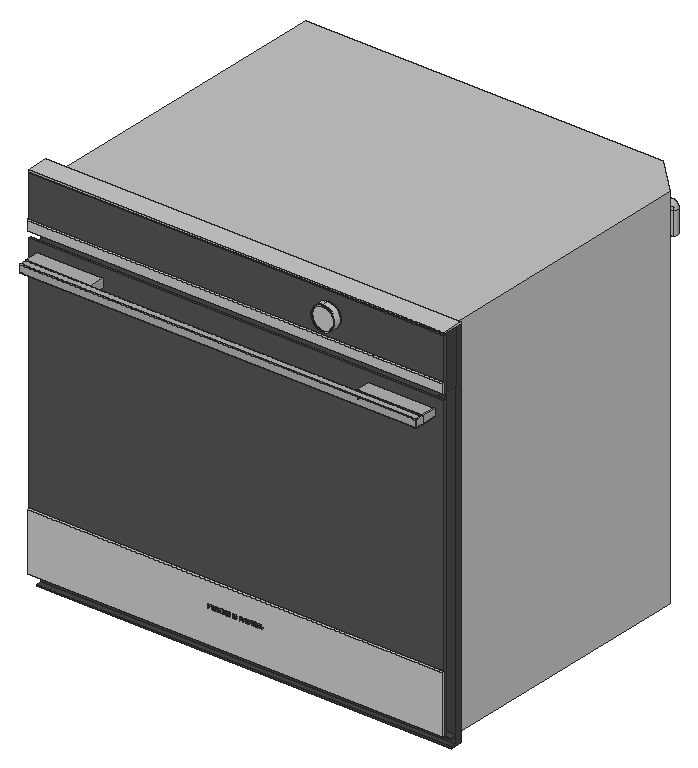
Revit family "FP_Revit_18_OB76SDPTDX1_Ovens_90000950A", category Specialty Equipment, Revit 2018
Family settings
  Round Connector Dimension = Use Diameter
  Part Type = Normal
  OmniClass Number = 23.40.40.14.17.11
  OmniClass Title = Cookers, Ovens, Stoves
  Work Plane-Based = No
  Always vertical = Yes
  Cut with Voids When Loaded = Yes
  Shared = No
  Room Calculation Point = No
Parameters (values of type "OB76SDPTDX1")
  Visibility - Clearance Required = yes
  URL = "www.fisherpaykel.com"
  Product - Width = 760 mm  # constant formula
  Product - Height = 690 mm  # constant formula
  Product - Depth = 609 mm  # constant formula
  Model = "OB76SDPTDX1"
  Material - Trim = Fisher & Paykel - Stainless Steel
  Material - Structure = Fisher & Paykel - Black
  Material - Handle = Fisher & Paykel - Aluminium
  Material - Glass = Fisher & Paykel - Glass, Black
  Material - Door Structure = Fisher & Paykel - Black
  Material - Buttons and Dials = Fisher & Paykel - Stainless Steel
  Material - Body = Fisher & Paykel - Grey
  Manufacturer = "Fisher & Paykel Appliances"
  FFL Offset [instance] = 167 mm
  Description = "76cm Self Cleaning Oven"
  Connector Note - Electrical = "230V, 18.5 A"
  Chassis - Width = 720 mm  # constant formula
  Chassis - Height = 675 mm  # constant formula
  Chassis - Depth = 569 mm  # constant formula
  Cavity - Width = 764 mm  # constant formula
  Cavity - Height = 693 mm  # constant formula
  Cavity - Depth = 575 mm  # constant formula
Reference planes
  plane 1 "Datum": y = 0
  plane 2: z = 0
  plane 3 "Center (Left/Right)": x = 0
  plane 4: z = 860
  plane 5: z = 857
  plane 6 "Product LHS": x = -380
  plane 7 "Product RHS": x = 380
  plane 8 "Product - Depth": y = 569
  plane 9 "Cavity LHS": x = -382
  plane 10 "Cavity RHS": x = 382
  plane 11 "Cavity - Depth": y = 575
  plane 12 "Front Face": y = -40
  plane 13 "FFL Offset": z = 167
Forms (mm)
  Extrusion 1, solid, material "Fisher & Paykel - Grey" <- "Material - Body"
    sketch origin (0, 0, 0) x (1, 0, 0) y (0, 1, 0)
      loop
        line (-359.809, 0) -> (360.191, 0) -> (360.191, 503) -> (294.191, 569) -> (-359.809, 569) -> (-359.809, 0)
    from 167 to 842
  Extrusion 2, solid, material "Fisher & Paykel - Clearance Required", visible <- "Visibility - Clearance Required", detail levels coarse
    sketch origin (0, 0, 0) x (1, 0, 0) y (0, 1, 0)
      loop
        line (-361.809, 0) -> (362.191, 0) -> (362.191, 575) -> (-361.809, 575) -> (-361.809, 0)
    from 167 to 848
  Extrusion 3, solid, material "Fisher & Paykel - Black" <- "Material - Structure"
    sketch origin (0, 0, 0) x (0, 1, 0) y (0, 0, 1)
      loop
        line (-11, 854.1) -> (-11, 184.834) -> (-21.5, 182.02) -> (-21.254, 181.102) -> (-11, 183.85) -> (-11, 168.95) -> (-22, 168.95) -> (-22, 167) -> (0, 167) -> (0, 854.1) -> (-11, 854.1)
    from -380 to 380
  Extrusion 4, solid, material "Fisher & Paykel - Black" <- "Material - Structure"
    sketch origin (0, 0, 0) x (0, 1, 0) y (0, 0, 1)
      loop
        line (-36, 854.1) -> (-36, 757) -> (-11, 757) -> (-11, 854.1) -> (-36, 854.1)
    from -380 to 380
  Extrusion 5, solid, material "Fisher & Paykel - Black" <- "Material - Structure"
    sketch origin (0, 0, 0) x (0, 1, 0) y (0, 0, 1)
      loop
        line (-16.2, 194.63) -> (-16.2, 744.665) -> (-36, 744.665) -> (-36, 194.63) -> (-16.2, 194.63)
    from -365 to 363.494
  Extrusion 6, solid, material "Fisher & Paykel - Black" <- "Material - Structure"
    sketch origin (0, 0, 0) x (0, 1, 0) y (0, 0, 1)
      loop
        line (-16.2, 744.665) -> (-16.2, 194.63) -> (-11, 194.63) -> (-11, 744.665) -> (-16.2, 744.665)
    from -361 to 361
  Extrusion 7, solid, material "Fisher & Paykel - Glass, Black" <- "Material - Glass"
    sketch origin (0, 0, 0) x (0, 1, 0) y (0, 0, 1)
      loop
        line (-40, 744.665) -> (-40, 194.63) -> (-36, 194.63) -> (-36, 744.665) -> (-40, 744.665)
    from -380 to 380
  Extrusion 8, solid, material "Fisher & Paykel - Glass, Black" <- "Material - Glass"
    sketch origin (0, 0, 0) x (0, 1, 0) y (0, 0, 1)
      loop
        line (-40, 852.1) -> (-40, 757) -> (-36, 757) -> (-36, 852.1) -> (-40, 852.1)
    from -380 to 380
  Extrusion 9, solid, material "Fisher & Paykel - Stainless Steel" <- "Material - Trim", detail levels fine
    sketch origin (0, 0, 0) x (0, 1, 0) y (0, 0, 1)
      loop
        line (-41.95, 774.531) -> (-41.95, 757) -> (-40, 757) -> (-40, 776.643) -> (-40.8, 776.643) -> (-41.95, 774.531)
    from -380 to 380
  Extrusion 10, solid, material "Fisher & Paykel - Clearance Required", visible <- "Visibility - Clearance Required", detail levels coarse
    sketch origin (0, -2000, 0) x (0, 1, 0) y (0, 0, 1)
      loop
        line (2000, 860) -> (1961, 860) -> (1961, 746.316)
        arc (1961, 746.316) -> (1570.899, 584.731) -> (1409.314, 194.63) r 551.686
        line (1409.314, 194.63) -> (1960, 194.63) -> (1960, 167) -> (2000, 167) -> (2000, 860)
    from -382 to 382
  Extrusion 11, solid, material "Fisher & Paykel - Stainless Steel" <- "Material - Trim", detail levels fine
    sketch origin (0, -2000, 0) x (0, 1, 0) y (0, 0, 1)
      loop
        line (1958.3, 300.247) -> (1958.3, 194.63) -> (1960, 194.63) -> (1960, 302.415) -> (1959.2, 302.415) -> (1958.3, 300.247)
    from -379.809 to 380
  Extrusion 12, solid, material "Fisher & Paykel - Stainless Steel" <- "Material - Trim"
    sketch origin (0, 0, 0) x (0, 1, 0) y (0, 0, 1)
      loop
        line (-40, 857) -> (-40, 854.1) -> (0, 854.1) -> (0, 857) -> (-40, 857)
    from -380 to 380
  Extrusion 13, void
    sketch origin (0, 0, 0) x (1, 0, 0) y (0, 1, 0)
      loop
        line (-361.809, 575) -> (-361.809, 0) -> (362.191, 0) -> (362.191, 575) -> (-361.809, 575)
    from 167 to 848
  Extrusion 14, void
    sketch origin (0, 0, 0) x (1, 0, 0) y (0, 1, 0)
      loop
        line (-382, 0) -> (-382, -40) -> (382, -40) -> (382, 0) -> (-382, 0)
    from 167 to 860
Lines and regions (mm)
  model lines, style "Fisher & Paykel"
    curve 1: line (-54, -40, 847.5) -> (54, -40, 847.5)
    curve 2: line (-54, -40, 782.7) -> (-54, -40, 847.5)
    curve 3: line (54, -40, 782.7) -> (-54, -40, 782.7)
    curve 4: line (54, -40, 847.5) -> (54, -40, 782.7)
Text (mm)
  text "Due to ongoing product development, product details are subject to change without notice. \nPlease always refer to www.fisherpaykel.com for the most current product information. \n© Fisher & Paykel 2020" at (41.04, -678.295, 0), in view "Ref. Level (Plan)"
Dimensions and locks
  equal spacing: plane 6 "Product LHS", plane 3 "Center (Left/Right)", plane 7 "Product RHS"
  "Product - Width": plane 6 "Product LHS" to plane 7 "Product RHS"
  "Chassis - Depth": plane 1 "Datum" to plane 8 "Product - Depth"
  equal spacing: plane 9 "Cavity LHS", plane 3 "Center (Left/Right)", plane 10 "Cavity RHS"
  "Cavity - Depth": plane 11 "Cavity - Depth" to plane 1 "Datum"
  Extrusion 2 to Extrusion 2 = 724 mm
  "Cavity - Width": plane 9 "Cavity LHS" to plane 10 "Cavity RHS"
  "Chassis - Width": Extrusion 1 to Extrusion 1
  plane 12 "Front Face" to plane 1 "Datum" = 40 mm
  "FFL Offset": plane 13 "FFL Offset" to level
  "Product - Height": plane 5 to plane 13 "FFL Offset"
  "Cavity - Height": plane 4 to plane 13 "FFL Offset"
  "Chassis - Height": Extrusion 1 to plane 13 "FFL Offset"
  locked: plane 5 to nested 2 at 109.352
  locked: Extrusion 5 to plane 13 "FFL Offset" at 27.63
  locked: plane 5 to nested 4 at 44.5
  locked: plane 5 to nested 1 at 129.4
  locked: Extrusion 2 to plane 13 "FFL Offset" at 681
  locked: nested 3 to plane 13 "FFL Offset" at 88.6
  aligned and locked: level to plane 2
  aligned and locked: plane 6 "Product LHS" to Extrusion 3
  aligned and locked: Extrusion 3 to plane 7 "Product RHS"
  aligned and locked: plane 9 "Cavity LHS" to Extrusion 10
  aligned and locked: Extrusion 10 to plane 10 "Cavity RHS"
  aligned and locked: Extrusion 10 sketch curve to plane 13 "FFL Offset"
  aligned and locked: plane 13 "FFL Offset" to Extrusion 3 sketch curve
  aligned and locked: Extrusion 3 to Extrusion 1
  aligned and locked: Extrusion 5 to Extrusion 6
  aligned and locked: Extrusion 7 to Extrusion 5
  aligned and locked: Extrusion 11 to Extrusion 5
  aligned and locked: Extrusion 13 to Extrusion 1
  aligned and locked: Extrusion 13 to Extrusion 2
  aligned and locked: Extrusion 14 to Extrusion 1
  aligned and locked: plane 4 to Extrusion 14
  aligned and locked: Extrusion 2 to Extrusion 1
Automatic sketch dimensions
  plane 1 "Datum" to Extrusion 1 sketch curve = 0 mm
  Extrusion 1 sketch curve to plane 8 "Product - Depth" = 0 mm
  Extrusion 1 sketch curve to plane 6 "Product LHS" = 20.191 mm
  plane 7 "Product RHS" to Extrusion 1 sketch curve = 85.809 mm
  plane 7 "Product RHS" to Extrusion 1 sketch curve = 19.809 mm
  Extrusion 1 sketch curve to plane 8 "Product - Depth" = 66 mm
  plane 1 "Datum" to Extrusion 2 sketch curve = 0 mm
  plane 11 "Cavity - Depth" to Extrusion 2 sketch curve = 0 mm
  Extrusion 2 sketch curve to plane 6 "Product LHS" = 18.191 mm
  plane 7 "Product RHS" to Extrusion 2 sketch curve = 17.809 mm
  plane 1 "Datum" to Extrusion 4 sketch curve = 36 mm
  plane 1 "Datum" to Extrusion 4 sketch curve = 11 mm
  Extrusion 4 sketch curve to plane 5 = 100 mm
  Extrusion 4 sketch curve to plane 5 = 2.9 mm
  plane 1 "Datum" to Extrusion 5 sketch curve = 36 mm
  plane 1 "Datum" to Extrusion 5 sketch curve = 16.2 mm
  level to Extrusion 5 sketch curve = 194.63 mm
  Extrusion 5 sketch curve to plane 5 = 112.335 mm
  plane 1 "Datum" to Extrusion 6 sketch curve = 16.2 mm
  Extrusion 6 sketch curve to Extrusion 6 sketch curve = 5.2 mm
  level to Extrusion 6 sketch curve = 194.63 mm
  Extrusion 6 sketch curve to plane 5 = 112.335 mm
  plane 1 "Datum" to Extrusion 7 sketch curve = 40 mm
  Extrusion 7 sketch curve to Extrusion 7 sketch curve = 4 mm
  level to Extrusion 7 sketch curve = 194.63 mm
  Extrusion 7 sketch curve to plane 5 = 112.335 mm
  plane 1 "Datum" to Extrusion 8 sketch curve = 40 mm
  Extrusion 8 sketch curve to Extrusion 8 sketch curve = 4 mm
  Extrusion 8 sketch curve to plane 5 = 100 mm
  Extrusion 8 sketch curve to plane 5 = 4.9 mm
  plane 5 to Extrusion 12 sketch curve = 0 mm
  Extrusion 12 sketch curve to plane 5 = 2.9 mm
  Extrusion 12 sketch curve to Extrusion 12 sketch curve = 40 mm
  plane 1 "Datum" to Extrusion 12 sketch curve = 40 mm
  plane 1 "Datum" to Extrusion 13 sketch curve = 0 mm
  Extrusion 13 sketch curve to plane 6 "Product LHS" = 18.191 mm
  plane 7 "Product RHS" to Extrusion 13 sketch curve = 17.809 mm
  plane 11 "Cavity - Depth" to Extrusion 13 sketch curve = 0 mm
  Extrusion 14 sketch curve to plane 9 "Cavity LHS" = 0 mm
  Extrusion 14 sketch curve to plane 10 "Cavity RHS" = 0 mm
  plane 1 "Datum" to Extrusion 14 sketch curve = 0 mm
  plane 1 "Datum" to Extrusion 14 sketch curve = 40 mm
  Extrusion 9 sketch curve to Extrusion 9 sketch curve = 0.8 mm
  Extrusion 9 sketch curve to plane 12 "Front Face" = 1.95 mm
  Extrusion 9 sketch curve to plane 5 = 100 mm
  Extrusion 9 sketch curve to Extrusion 9 sketch curve = 17.531 mm
  Extrusion 9 sketch curve to Extrusion 9 sketch curve = 2.112 mm
  Extrusion 9 sketch curve to plane 12 "Front Face" = 0 mm
  Extrusion 11 sketch curve to plane 12 "Front Face" = 1.7 mm
  level to Extrusion 11 sketch curve = 194.63 mm
  Extrusion 11 sketch curve to Extrusion 11 sketch curve = 105.617 mm
  Extrusion 11 sketch curve to Extrusion 11 sketch curve = 0.8 mm
  Extrusion 11 sketch curve to Extrusion 11 sketch curve = 2.168 mm
  Extrusion 11 sketch curve to plane 12 "Front Face" = 0 mm
  plane 3 "Center (Left/Right)" to curve 1 = 54 mm
  curve 3 to curve 2 = 108 mm
  curve 4 to plane 4 = 77.3 mm
  curve 2 to curve 1 = 64.8 mm
  Extrusion 10 sketch curve to plane 12 "Front Face" = 0 mm
  Extrusion 10 sketch curve to plane 1 "Datum" = 0 mm
  plane 13 "FFL Offset" to Extrusion 10 sketch curve = 27.63 mm
  Extrusion 10 sketch curve to Extrusion 10 sketch curve = 550.686 mm
  plane 12 "Front Face" to Extrusion 10 sketch curve = 1 mm
  Extrusion 10 sketch curve to plane 4 = 0 mm
  Extrusion 3 sketch curve to plane 1 "Datum" = 0 mm
  plane 1 "Datum" to Extrusion 3 sketch curve = 11 mm
  Extrusion 3 sketch curve to Extrusion 3 sketch curve = 0 mm
  Extrusion 3 sketch curve to Extrusion 3 sketch curve = 10.254 mm
  plane 13 "FFL Offset" to Extrusion 3 sketch curve = 15.02 mm
  Extrusion 3 sketch curve to Extrusion 3 sketch curve = 0.246 mm
  plane 13 "FFL Offset" to Extrusion 3 sketch curve = 1.95 mm
  Extrusion 3 sketch curve to Extrusion 3 sketch curve = 11 mm
  Extrusion 3 sketch curve to Extrusion 3 sketch curve = 0.918 mm
  Extrusion 3 sketch curve to plane 5 = 2.9 mm
Nested families
  nested 1: "F&P Handle Contemporary Square OB30" at (0, -40, 719.622), type "Aluminium"
  nested 2: "F&P Inlet Power OB30" at (327.191, 536, 797.625) x (0.7071, -0.7071, 0) z (0, 0, 1), type "F&P Inlet Power OB30"
  nested 3: "F&P Logo 100mm" at (0, -41.7, 255.6), type "Grey", detail levels fine
  nested 4: "F&P Dial OB" at (170, -40, 812.5), type "F&P Dial OB"
Connectors
  electrical at (334.648, 543.457, 747.648), driven by "Connector Note - Electrical"
    settings: on nested 2, index 1, voltage 230 V, apparent load 0 VA, apparent load phase1 0 VA, apparent load phase2 0 VA, apparent load phase3 0 VA, power factor 1, load classification "Other", number of poles 1, system type 30, power factor state 1, is connector primary yes, connector utility no, sub classification motor no, connector description "230V, 18.5 A"
Definition of nested family "F&P Handle Contemporary Square OB30"
  Parameters (values of type "Aluminium, Dark")
    URL = "www.fisherpaykel.com"
    Material - Handle = none
    Manufacturer = "Fisher & Paykel Appliances"
    Handle - Length = 727 mm
  Types (3): name
    (no name)
    Aluminium
    Aluminium, Dark
  Reference planes
    plane 1 "Center (Front/Back)": y = 0
    plane 2: z = 0
    plane 3 "Center (Left/Right)": x = 0
    plane 4 "Product LHS": x = -363.5
    plane 5 "Product RHS": x = 363.5
    plane 6 "LHS Standoff": x = -243.495
    plane 7 "RHS Standoff": x = 243.505
  Forms (mm)
    Extrusion 1, solid, material <- "Material - Handle", detail levels fine
      sketch origin (0, 0, 0) x (0, 1, 0) y (0, 0, 1)
        loop
          arc (-28.701, 7.561) -> (-29.057, 7.868) -> (-29.514, 7.978) r 1
          line (-29.514, 7.978) -> (-40.5, 7.978)
          arc (-40.5, 7.978) -> (-41.561, 7.539) -> (-42, 6.478) r 1.5
          line (-42, 6.478) -> (-42, -6.522)
          arc (-42, -6.522) -> (-41.561, -7.583) -> (-40.5, -8.022) r 1.5
          line (-40.5, -8.022) -> (-29.487, -8.022)
          arc (-29.487, -8.022) -> (-29.029, -7.911) -> (-28.673, -7.602) r 1
          arc (-28.673, -7.602) -> (-26.256, -0.016) -> (-28.701, 7.561) r 13.038
      from -363.5 to 363.5
    Extrusion 2, solid, material <- "Material - Handle", detail levels fine
      sketch origin (0, 0, 0) x (0, 1, 0) y (0, 0, 1)
        loop
          arc (-28.23, 7.062) -> (-26.156, 0.008) -> (-28.198, -7.056) r 13.136
          arc (-28.198, -7.056) -> (-28.21, -7.463) -> (-27.86, -7.67) r 0.4
          line (-27.86, -7.67) -> (0, -7.67) -> (0, 7.678) -> (-27.893, 7.678)
          arc (-27.893, 7.678) -> (-28.244, 7.47) -> (-28.23, 7.062) r 0.4
      from 243.505 to 363.5
    Extrusion 3, solid, material <- "Material - Handle", detail levels fine
      sketch origin (0, 0, 0) x (0, 1, 0) y (0, 0, -1)
        loop
          arc (-28.23, -7.062) -> (-28.244, -7.47) -> (-27.893, -7.678) r 0.4
          line (-27.893, -7.678) -> (0, -7.678) -> (0, 7.67) -> (-27.86, 7.67)
          arc (-27.86, 7.67) -> (-28.21, 7.463) -> (-28.198, 7.056) r 0.4
          arc (-28.198, 7.056) -> (-26.156, -0.008) -> (-28.23, -7.062) r 13.136
      from 243.495 to 363.5
    Sweep 4, void
      path in 3D
        loop
          line (363.5, -29.514, 7.978) -> (363.5, -40.5, 7.978)
          arc (363.5, -40.5, 7.978) -> (363.5, -41.561, 7.539) -> (363.5, -42, 6.478) r 1.5
          line (363.5, -42, 6.478) -> (363.5, -42, -6.522)
          arc (363.5, -42, -6.522) -> (363.5, -41.561, -7.583) -> (363.5, -40.5, -8.022) r 1.5
          line (363.5, -40.5, -8.022) -> (363.5, -29.487, -8.022)
      profile origin (363.5, -35.007, 7.978) x (1, 0, 0) y (0, 0, 1)
        loop
          line (0, 0) -> (-1.3, 0) -> (0, -1.3) -> (0, 0)
    Sweep 5, void
      path in 3D
        loop
          line (-363.5, -29.487, -8.022) -> (-363.5, -40.5, -8.022)
          arc (-363.5, -40.5, -8.022) -> (-363.5, -41.561, -7.583) -> (-363.5, -42, -6.522) r 1.5
          line (-363.5, -42, -6.522) -> (-363.5, -42, 6.478)
          arc (-363.5, -42, 6.478) -> (-363.5, -41.561, 7.539) -> (-363.5, -40.5, 7.978) r 1.5
          line (-363.5, -40.5, 7.978) -> (-363.5, -29.514, 7.978)
      profile origin (-363.5, -35.007, 7.978) x (-1, 0, 0) y (0, 0, 1)
        loop
          line (0, 0) -> (-1.3, 0) -> (0, -1.3) -> (0, 0)
    Extrusion 6, void
      sketch origin (0, 0, 0) x (1, 0, 0) y (0, 0, 1)
        loop
          line (363.5, 7.978) -> (362.2, 7.978) -> (363.5, 6.678) -> (363.5, 7.978)
        loop
          line (363.5, -8.022) -> (363.5, -6.722) -> (362.2, -8.022) -> (363.5, -8.022)
      from 0 to 40
    Extrusion 7, void
      sketch origin (0, 0, 0) x (1, 0, 0) y (0, 0, 1)
        loop
          line (-363.5, 7.978) -> (-363.5, 6.678) -> (-362.2, 7.978) -> (-363.5, 7.978)
        loop
          line (-363.5, -8.022) -> (-362.2, -8.022) -> (-363.5, -6.722) -> (-363.5, -8.022)
      from 0 to 40
    Extrusion 8, solid, material <- "Material - Handle", detail levels coarse+medium
      sketch origin (0, 0, 0) x (1, 0, 0) y (0, 1, 0)
        loop
          line (-363.5, -42) -> (363.5, -42) -> (363.5, 0) -> (243.505, 0) -> (243.505, -26.156) -> (-243.495, -26.156) -> (-243.495, 0) -> (-363.5, 0) -> (-363.5, -42)
      from -8.022 to 7.978
  Cuts and joins
    Sweep 4, Sweep 5, Extrusion 6, Extrusion 7 cuts Extrusion 1
    Extrusion 6 cuts Extrusion 2
    Extrusion 7 cuts Extrusion 3
  Lines and regions (mm)
    sketch lines
      curve 1: line (363.5, -29.514, 7.978) -> (363.5, -40.5, 7.978)
      curve 2: arc (363.5, -42, 6.478) -> (363.5, -41.561, 7.539) -> (363.5, -40.5, 7.978) r 1.5
      curve 3: line (363.5, -42, 6.478) -> (363.5, -42, -6.522)
      curve 4: arc (363.5, -40.5, -8.022) -> (363.5, -41.561, -7.583) -> (363.5, -42, -6.522) r 1.5
      curve 5: line (363.5, -40.5, -8.022) -> (363.5, -29.487, -8.022)
      curve 6: line (-363.5, -40.5, 7.978) -> (-363.5, -29.514, 7.978)
      curve 7: arc (-363.5, -40.5, 7.978) -> (-363.5, -41.561, 7.539) -> (-363.5, -42, 6.478) r 1.5
      curve 8: line (-363.5, -42, -6.522) -> (-363.5, -42, 6.478)
      curve 9: arc (-363.5, -42, -6.522) -> (-363.5, -41.561, -7.583) -> (-363.5, -40.5, -8.022) r 1.5
      curve 10: line (-363.5, -29.487, -8.022) -> (-363.5, -40.5, -8.022)
  Dimensions and locks
    equal spacing: plane 4 "Product LHS", plane 3 "Center (Left/Right)", plane 5 "Product RHS"
    "Handle - Length": plane 4 "Product LHS" to plane 5 "Product RHS"
    locked: plane 4 "Product LHS" to plane 6 "LHS Standoff" at 120.005
    locked: plane 7 "RHS Standoff" to plane 5 "Product RHS" at 119.995
    aligned and locked: level to plane 2
    aligned and locked: Extrusion 1 to plane 5 "Product RHS"
    aligned and locked: plane 4 "Product LHS" to Extrusion 1
    aligned and locked: Extrusion 2 to plane 5 "Product RHS"
    aligned and locked: plane 4 "Product LHS" to Extrusion 3
    aligned and locked: plane 4 "Product LHS" to Extrusion 8 sketch curve
    aligned and locked: Extrusion 8 sketch curve to plane 5 "Product RHS"
    aligned and locked: Extrusion 8 sketch curve to plane 7 "RHS Standoff"
    aligned and locked: plane 6 "LHS Standoff" to Extrusion 8 sketch curve
    aligned and locked: Extrusion 2 to plane 7 "RHS Standoff"
    aligned and locked: plane 6 "LHS Standoff" to Extrusion 3
  Automatic sketch dimensions
    Extrusion 1 sketch curve to level = 6.522 mm
    plane 1 "Center (Front/Back)" to Extrusion 1 sketch curve = 42 mm
    Extrusion 1 sketch curve to Extrusion 1 sketch curve = 1.5 mm  (x2)
    Extrusion 1 sketch curve to level = 0.04 mm
    Extrusion 1 sketch curve to Extrusion 1 sketch curve = 1.206 mm
    level to Extrusion 1 sketch curve = 6.978 mm
    Extrusion 1 sketch curve to Extrusion 1 sketch curve = 10.986 mm
    Extrusion 1 sketch curve to Extrusion 1 sketch curve = 11.013 mm
    Extrusion 1 sketch curve to Extrusion 1 sketch curve = 1 mm
    level to Extrusion 1 sketch curve = 6.478 mm
    Extrusion 1 sketch curve to Extrusion 1 sketch curve = 0 mm
    Extrusion 2 sketch curve to plane 1 "Center (Front/Back)" = 0 mm
    Extrusion 2 sketch curve to level = 7.67 mm
    Extrusion 2 sketch curve to Extrusion 2 sketch curve = 27.86 mm
    level to Extrusion 2 sketch curve = 7.678 mm
    Extrusion 2 sketch curve to Extrusion 2 sketch curve = 0.033 mm
    Extrusion 2 sketch curve to level = 0.022 mm
    Extrusion 2 sketch curve to Extrusion 2 sketch curve = 11.398 mm
    Extrusion 2 sketch curve to Extrusion 2 sketch curve = 0.4 mm  (x2)
    Extrusion 2 sketch curve to Extrusion 2 sketch curve = 0 mm
    Extrusion 3 sketch curve to plane 1 "Center (Front/Back)" = 0 mm
    Extrusion 3 sketch curve to level = 7.67 mm
    Extrusion 3 sketch curve to Extrusion 3 sketch curve = 27.86 mm
    level to Extrusion 3 sketch curve = 7.678 mm
    Extrusion 3 sketch curve to Extrusion 3 sketch curve = 0.033 mm
    Extrusion 3 sketch curve to level = 0.022 mm
    Extrusion 3 sketch curve to Extrusion 3 sketch curve = 11.398 mm
    Extrusion 3 sketch curve to Extrusion 3 sketch curve = 0.4 mm  (x2)
    Extrusion 3 sketch curve to Extrusion 3 sketch curve = 0 mm
    profile plane to Sweep 4 sketch curve = 0 mm
    Sweep 4 sketch curve to profile plane = 0 mm
    Sweep 4 sketch curve to profile plane = 1.3 mm
    profile plane to Sweep 4 sketch curve = 1.3 mm
    Sweep 5 sketch curve to profile plane = 0 mm  (x2)
    profile plane to Sweep 5 sketch curve = 1.3 mm
    Sweep 5 sketch curve to profile plane = 1.3 mm
    plane 5 "Product RHS" to Extrusion 6 sketch curve = 0 mm  (x2)
    Extrusion 6 sketch curve to Extrusion 6 sketch curve = 1.3 mm  (x4)
    Extrusion 6 sketch curve to level = 6.722 mm
    level to Extrusion 6 sketch curve = 6.678 mm
    plane 4 "Product LHS" to Extrusion 7 sketch curve = 0 mm  (x2)
    Extrusion 7 sketch curve to plane 4 "Product LHS" = 1.3 mm  (x2)
    Extrusion 7 sketch curve to level = 8.022 mm
    level to Extrusion 7 sketch curve = 6.678 mm
    Extrusion 7 sketch curve to Extrusion 7 sketch curve = 1.3 mm  (x2)
    plane 1 "Center (Front/Back)" to Extrusion 8 sketch curve = 0 mm  (x2)
    Extrusion 8 sketch curve to Extrusion 8 sketch curve = 26.156 mm
    Extrusion 8 sketch curve to Extrusion 8 sketch curve = 42 mm
Definition of nested family "F&P Inlet Power OB30"
  Parameters (values of type "F&P Inlet Power OB30")
    URL = "www.fisherpaykel.com"
    Material - Body = none
    Manufacturer = "Fisher & Paykel Appliances"
  Reference planes
    plane 1 "Center (Front/Back)": y = 0
    plane 2: z = 0
    plane 3 "Center (Left/Right)": x = 0
  Forms (mm)
    Extrusion 1, solid, material <- "Material - Body"
      sketch origin (0, 0, 0) x (1, 0, 0) y (0, 0, 1)
        loop
          circle (0, 0) r 14.523
        loop
          circle (0, 0) r 7.273
      from -3.02 to 0
    Sweep 2, solid, material <- "Material - Body"
      path origin (0, 0, 0) x (0, 1, 0) y (0, 0, 1)
        loop
          line (0, 0) -> (2.546, 0)
          arc (2.546, 0) -> (8.203, -2.343) -> (10.546, -8) r 8
          line (10.546, -8) -> (10.546, -49.977)
      profile origin (0, 1.273, 0) x (0, 0, 1) y (1, 0, 0)
        loop
          circle (0, 0) r 7.273
  Dimensions and locks
    aligned and locked: level to plane 2
Definition of nested family "F&P Logo 100mm"
  Parameters (values of type "Chrome")
    URL = "www.fisherpaykel.com"
    Material - Logo = none
    Manufacturer = "Fisher & Paykel Appliances"
  Types (3): name
    (no name)
    Chrome
    Grey
  Reference planes
    plane 1 "Center (Front/Back)": y = 0
    plane 2: z = 0
    plane 3 "Center (Left/Right)": x = 0
  Forms (mm)
    Extrusion 1, solid, material <- "Material - Logo", detail levels fine
      sketch origin (0, 0, 0) x (1, 0, 0) y (0, 0, 1)
        loop
          line (-50.044, 0) -> (-48.47, 0) -> (-48.47, 2.138) -> (-46.011, 2.138) -> (-46.011, 3.472) -> (-48.47, 3.472) -> (-48.47, 4.712) -> (-45.795, 4.712) -> (-45.795, 6.04) -> (-50.044, 6.04) -> (-50.044, 0)
        loop
          line (-42.804, 6.04) -> (-42.804, 0) -> (-41.23, 0) -> (-41.23, 6.04) -> (-42.804, 6.04)
        loop
          line (-30.724, 6.04) -> (-30.724, 0) -> (-29.151, 0) -> (-29.151, 2.42) -> (-26.839, 2.42) -> (-26.839, 0) -> (-25.265, 0) -> (-25.265, 6.04) -> (-26.839, 6.04) -> (-26.839, 3.748) -> (-29.151, 3.748) -> (-29.151, 6.04) -> (-30.724, 6.04)
        loop
          line (-21.906, 6.04) -> (-21.906, 0) -> (-17.602, 0) -> (-17.602, 1.328) -> (-20.347, 1.328) -> (-20.347, 2.42) -> (-17.838, 2.42) -> (-17.838, 3.748) -> (-20.347, 3.748) -> (-20.347, 4.712) -> (-17.602, 4.712) -> (-17.602, 6.04) -> (-21.906, 6.04)
        loop
          line (45.667, 6.04) -> (45.667, 0) -> (49.956, 0) -> (49.956, 1.328) -> (47.241, 1.328) -> (47.241, 6.04) -> (45.667, 6.04)
        loop
          line (42.431, 6.04) -> (38.112, 6.04) -> (38.112, 0) -> (42.431, 0) -> (42.431, 1.328) -> (39.687, 1.328) -> (39.687, 2.42) -> (42.195, 2.42) -> (42.195, 3.748) -> (39.687, 3.748) -> (39.687, 4.712) -> (42.431, 4.712) -> (42.431, 6.04)
        loop
          line (33.451, 3.148) -> (35.683, 6.04) -> (33.844, 6.04) -> (31.915, 3.542) -> (31.915, 6.04) -> (30.342, 6.04) -> (30.342, 0) -> (31.915, 0) -> (31.915, 2.705) -> (33.903, 0) -> (35.763, 0) -> (33.451, 3.148)
        loop
          line (21.98, 6.04) -> (24.262, 2.42) -> (24.262, 0) -> (25.837, 0) -> (25.837, 2.341) -> (28.119, 6.04) -> (26.446, 6.04) -> (25.099, 3.707) -> (23.753, 6.04) -> (21.98, 6.04)
        loop
          line (18.479, 6.04) -> (16.983, 6.04) -> (14.524, 0) -> (16.069, 0) -> (16.501, 1.112) -> (18.921, 1.112) -> (19.354, 0) -> (20.938, 0) -> (18.479, 6.04)
        loop
          line (18.4, 2.439) -> (17.693, 4.174) -> (17.018, 2.439) -> (18.4, 2.439)
        loop
          line (8.031, 6.04) -> (8.031, 0) -> (9.605, 0) -> (9.605, 1.938) -> (10.599, 1.938)
          arc (10.599, 1.938) -> (12.65, 3.989) -> (10.599, 6.04) r 2.051
          line (10.599, 6.04) -> (8.031, 6.04)
        loop
          line (9.605, 4.712) -> (9.605, 3.197) -> (10.501, 3.197)
          arc (10.501, 3.197) -> (11.259, 3.954) -> (10.501, 4.712) r 0.757
          line (10.501, 4.712) -> (9.605, 4.712)
        loop
          line (-11.783, 6.04) -> (-14.366, 6.04) -> (-14.366, 0) -> (-12.792, 0) -> (-12.792, 1.336) -> (-11.992, 1.336) -> (-10.972, 0) -> (-9.153, 0) -> (-10.694, 1.973)
          arc (-10.694, 1.973) -> (-9.678, 4.424) -> (-11.783, 6.04) r 2.179
        loop
          line (-11.897, 4.712) -> (-12.792, 4.712) -> (-12.792, 3.053) -> (-11.897, 3.053)
          arc (-11.897, 3.053) -> (-11.068, 3.882) -> (-11.897, 4.712) r 0.83
        loop
          line (0.477, 4.712) -> (0.477, 6.153) -> (-3.575, 6.153) -> (-3.575, 4.851) -> (-2.974, 4.112)
          arc (-2.974, 4.112) -> (-3.51, 0.684) -> (-0.045, 0.512) r 2.334
          line (-0.045, 0.512) -> (0.46, -0.109) -> (2.246, -0.109) -> (0.86, 1.594) -> (2.061, 3.324) -> (0.443, 3.324) -> (-0.013, 2.667) -> (-1.677, 4.712) -> (0.477, 4.712)
        loop
          arc (-2.125, 3.068) -> (-2.269, 1.668) -> (-0.868, 1.524) r 0.996
          line (-0.868, 1.524) -> (-2.125, 3.068)
        loop
          line (-35.18, 3.634) -> (-36.516, 3.91)
          arc (-36.516, 3.91) -> (-37.049, 4.443) -> (-36.516, 4.976) r 0.533
          arc (-36.516, 4.976) -> (-35.235, 4.79) -> (-34.059, 4.248) r 4.505
          line (-34.059, 4.248) -> (-34.059, 5.743)
          arc (-34.059, 5.743) -> (-35.549, 6.179) -> (-37.1, 6.109) r 4.726
          arc (-37.1, 6.109) -> (-38.536, 4.335) -> (-37.1, 2.561) r 1.814
          line (-37.1, 2.561) -> (-35.754, 2.282)
          arc (-35.754, 2.282) -> (-35.221, 1.749) -> (-35.754, 1.216) r 0.533
          arc (-35.754, 1.216) -> (-37.035, 1.402) -> (-38.211, 1.945) r 4.505
          line (-38.211, 1.945) -> (-38.211, 0.449)
          arc (-38.211, 0.449) -> (-36.72, 0.013) -> (-35.169, 0.083) r 4.726
          arc (-35.169, 0.083) -> (-33.734, 1.863) -> (-35.18, 3.634) r 1.814
      from 0 to 0.8
  Dimensions and locks
    aligned and locked: level to plane 2
Definition of nested family "F&P Dial OB"
  Parameters (values of type "F&P Dial OB Black")
    URL = "www.fisherpaykel.com"
    Material - Buttons and Dials = none
    Material - Bezel = none
    Manufacturer = "Fisher & Paykel Appliances"
  Types (2): name
    F&P Dial OB
    F&P Dial OB Black
  Reference planes
    plane 1 "Center (Front/Back)": y = 0
    plane 2: z = 0
    plane 3 "Center (Left/Right)": x = 0
  Forms (mm)
    Revolve 1, solid, material <- "Material - Buttons and Dials", detail levels fine
      sketch origin (0, 0, 0) x (0, 1, 0) y (0, 0, 1)
        loop
          line (0, 22) -> (-0.843, 22) -> (-0.843, 16.038) -> (-2.39, 16.038) -> (-2.39, 22) -> (-13.7, 22) -> (-13.7, 21.2) -> (-13.191, 20) -> (-8.9, 20) -> (-8.9, 0) -> (0, 0) -> (0, 22)
        axis (0, 0) -> (-13.7, 0)
      angle from 0 to 360
    Extrusion 2, solid, material <- "Material - Buttons and Dials", detail levels fine
      sketch origin (0, 0, 0) x (1, 0, 0) y (0, 0, 1)
        loop
          circle (0, 0) r 19.45
      from 8.9 to 13.191
    Extrusion 3, solid, material <- "Material - Buttons and Dials", detail levels coarse+medium
      sketch origin (0, 0, 0) x (1, 0, 0) y (0, 0, 1)
        loop
          circle (0, 0) r 22
      from 0 to 13.7
    Extrusion 4, solid, material <- "Material - Bezel", detail levels fine
      sketch origin (0, 0, 0) x (1, 0, 0) y (0, 0, 1)
        loop
          circle (0, 0) r 19.45
        loop
          circle (0, 0) r 20
      from 2.39 to 13.191
  Dimensions and locks
    aligned and locked: level to plane 2
